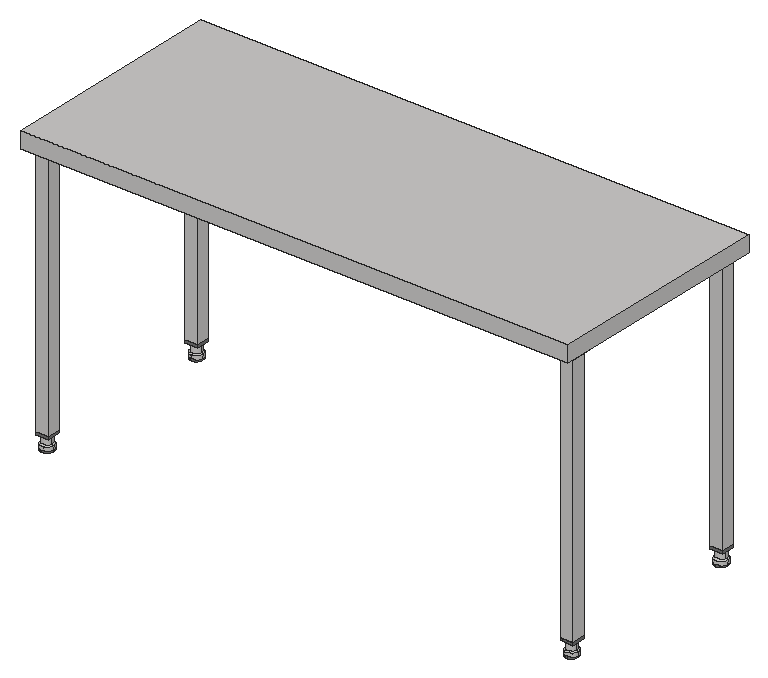
Revit family "QF_ZANUSSI_133222_TG1700N", category Attrezzature speciali, Revit 2020
Family settings
  Quota connettore circolare = Usa diametro
  Tipo di parte = Normale
  Basato su piano di lavoro = No
  Sempre verticale = Sì
  Taglio con vuoti quando caricato = No
  Condiviso = No
  Punto di calcolo locali = No
Parameters (values of type "Standard")
  Weight = 52.00 kg
  Watts = 0 W
  Volts = 0 V
  URL Manufacturer = "http://www.zanussiprofessional.com"
  URL = "http://www.zanussiprofessional.com"
  Steam Supply Size = 0 mm
  Steam Supply Minimum Pressure = 0.0 Pa
  Steam Supply Maximum Pressure = 0.0 Pa
  Steam Consumption per Hour = 0
  Refrigeration Suction Line Size = 0.0 mm
  Refrigeration Liquid Line Size = 0.0 mm
  Refrigerant Compressor Remote = yes
  Prospetto di default = 0.0 mm
  Produttore = "Zanussi"
  Phase = 0
  Modello = "TG1700N"
  Length Actual = 1700.0 mm  # constant formula
  Item Number = "133222"
  Hot Water Size = 0 mm
  Height Actual = 900.0 mm  # constant formula
  HP = "0 HP"
  Gas Size = 0 mm
  Gas KW = 0
  Gas Input Pressure = 0 W
  Direct Waste Size = 0 mm
  Descrizione = "WORK TABLE 1700 MM"
  Depth Actual = 700.0 mm  # constant formula
  Cycle = 0 Hz
  Condensate Return Size = 0 mm
  Compressed Air Volume = 0.0 L/s
  Compressed Air Size = 0 mm
  Compressed Air Pressure = 0.0 Pa
  Cold Water Size = 0 mm
  Accessory = yes
Reference planes
  plane 1 "Center (Front/Back)": y = 0
  plane 2: z = 0
  plane 3 "Center (Left/Right)": x = -350
  plane 4 "LEFT": x = -1200
  plane 5 "RIGHT": x = 500
  plane 6 "BACK": y = 350
  plane 7 "FRONT": y = -350
  plane 8 "Base": z = 850
  plane 9 "TOP": z = 900
  plane 10: x = -1164.5
  plane 11: x = 464.5
  plane 12: y = 290
  plane 13: y = -290
Forms (mm)
  Extrusion 1, solid, material "QF_Finishes_Stainless Steel"
    sketch origin (-350, 0, 0) x (0, 1, 0) y (0, 0, 1)
      loop
        line (-350, 850) -> (350, 850) -> (350, 900) -> (-350, 900) -> (-350, 850)
    from 850 to -850
Lines and regions (mm)
  symbolic lines
    curve 1: line (500, 350, 900) -> (-1200, 350, 900)
    curve 2: line (-1200, 350, 900) -> (-1200, -350, 900)
    curve 3: line (-1200, -350, 900) -> (500, -350, 900)
    curve 4: line (500, -350, 900) -> (500, 350, 900)
Dimensions and locks
  plane 4 "LEFT" to plane 5 "RIGHT" = 1700.0 mm
  equal spacing: plane 4 "LEFT", plane 3 "Center (Left/Right)", plane 5 "RIGHT"
  plane 4 "LEFT" to plane 10 = 35.5 mm
  plane 11 to plane 5 "RIGHT" = 35.5 mm
  plane 10 to plane 11 = 1629.0 mm
  locked: plane 9 "TOP" to level at 900
  plane 6 "BACK" to plane 12 = 60.0 mm
  plane 13 to plane 7 "FRONT" = 60.0 mm
  plane 6 "BACK" to plane 7 "FRONT" = 700.0 mm
  plane 12 to plane 13 = 580.0 mm
  equal spacing: plane 6 "BACK", plane 1 "Center (Front/Back)", plane 7 "FRONT"
  locked: plane 8 "Base" to level at 850
  aligned and locked: level to plane 2
  aligned and locked: plane 10 to nested 1
  aligned and locked: nested 1 to plane 13
  aligned and locked: plane 11 to nested 2
  aligned and locked: nested 2 to plane 13
  aligned and locked: plane 11 to nested 4
  aligned and locked: nested 4 to plane 12
  aligned and locked: plane 10 to nested 3
  aligned and locked: nested 3 to plane 12
  aligned and locked: Extrusion 1 to plane 4 "LEFT"
  aligned and locked: plane 5 "RIGHT" to Extrusion 1
  aligned and locked: curve 2 to plane 4 "LEFT"
Automatic sketch dimensions
  Extrusion 1 sketch curve to plane 7 "FRONT" = 0.0 mm
  Extrusion 1 sketch curve to plane 8 "Base" = 0.0 mm
  curve 3 to plane 7 "FRONT" = 0.0 mm
  curve 4 to plane 6 "BACK" = 0.0 mm
  Extrusion 1 sketch curve to plane 9 "TOP" = 0.0 mm
  Extrusion 1 sketch curve to plane 6 "BACK" = 0.0 mm
  curve 4 to plane 5 "RIGHT" = 0.0 mm
Nested families
  nested 1: "FEET_40x40_APP42" at (-1164.5, -290, 0), type "FEET_40x40_APP42"
  nested 2: "FEET_40x40_APP42" at (464.5, -290, 0), type "FEET_40x40_APP42"
  nested 3: "FEET_40x40_APP42" at (-1164.5, 290, 0), type "FEET_40x40_APP42"
  nested 4: "FEET_40x40_APP42" at (464.5, 290, 0), type "FEET_40x40_APP42"
Definition of nested family "FEET_40x40_APP42"
  Parameters
    Default Elevation = 0.0 mm
    FEET = 850.0 mm
  Reference planes
    plane 1 "Center (Front/Back)": y = 0
    plane 2: z = 0
    plane 3 "Center (Left/Right)": x = 0
    plane 4: z = 850
  Forms (mm)
    Extrusion 1, solid
      sketch origin (0, 0, 0) x (1, 0, 0) y (0, 1, 0)
        loop
          line (-20, -20) -> (20, -20) -> (20, 20) -> (-20, 20) -> (-20, -20)
      from 50 to 845
    Extrusion 2, solid
      sketch origin (0, 0, 0) x (1, 0, 0) y (0, 1, 0)
        loop
          circle (0, 0) r 20
      from 0 to 5
    Extrusion 3, solid
      sketch origin (0, 0, 0) x (1, 0, 0) y (0, 1, 0)
        loop
          line (30, 30) -> (-30, 30) -> (-30, -30) -> (30, -30) -> (30, 30)
      from 845 to 850
    Extrusion 4, solid
      sketch origin (0, 0, 0) x (1, 0, 0) y (0, 1, 0)
        loop
          line (-20, -20) -> (20, -20) -> (20, 20) -> (-20, 20) -> (-20, -20)
      from 50 to 42
    Revolve 5, solid
      sketch origin (0, 0, 0) x (1, 0, 0) y (0, 0, 1)
        loop
          line (0, 42) -> (-15, 42) -> (-15, 20) -> (-20, 15) -> (-20, 5) -> (0, 5) -> (0, 42)
        axis (0, 42) -> (0, 5)
      angle from 0 to 360
  Lines and regions (mm)
    symbolic lines
      curve 1: line (0, -1.503, 0) -> (0, 1.508, 0)
      curve 2: line (1.561, 0, 0) -> (-1.439, 0, 0)
  Dimensions and locks
    "FEET": plane 4 to plane 2
    aligned and locked: level to plane 2
  Automatic sketch dimensions
    plane 1 "Center (Front/Back)" to curve 2 = 0.0 mm
    curve 1 to plane 3 "Center (Left/Right)" = 0.0 mm
    curve 2 to plane 3 "Center (Left/Right)" = 1.439 mm
    plane 3 "Center (Left/Right)" to curve 2 = 1.561 mm
    plane 1 "Center (Front/Back)" to curve 1 = 1.503 mm
    curve 1 to plane 1 "Center (Front/Back)" = 1.508 mm
    Extrusion 1 sketch curve to plane 3 "Center (Left/Right)" = 20.0 mm
    plane 3 "Center (Left/Right)" to Extrusion 1 sketch curve = 20.0 mm
    plane 1 "Center (Front/Back)" to Extrusion 1 sketch curve = 20.0 mm
    Extrusion 1 sketch curve to plane 1 "Center (Front/Back)" = 20.0 mm
    plane 1 "Center (Front/Back)" to Extrusion 2 sketch curve = 0.0 mm
    Extrusion 2 sketch curve to plane 3 "Center (Left/Right)" = 0.0 mm
    Extrusion 3 sketch curve to plane 3 "Center (Left/Right)" = 30.0 mm
    plane 3 "Center (Left/Right)" to Extrusion 3 sketch curve = 30.0 mm
    plane 1 "Center (Front/Back)" to Extrusion 3 sketch curve = 30.0 mm
    Extrusion 3 sketch curve to plane 1 "Center (Front/Back)" = 30.0 mm
    Extrusion 4 sketch curve to plane 3 "Center (Left/Right)" = 20.0 mm
    plane 3 "Center (Left/Right)" to Extrusion 4 sketch curve = 20.0 mm
    plane 1 "Center (Front/Back)" to Extrusion 4 sketch curve = 20.0 mm
    Extrusion 4 sketch curve to plane 1 "Center (Front/Back)" = 20.0 mm
    Revolve 5 sketch curve to plane 3 "Center (Left/Right)" = 0.0 mm  (x2)
    Revolve 5 sketch curve to plane 3 "Center (Left/Right)" = 15.0 mm
    Revolve 5 sketch curve to Revolve 5 sketch curve = 5.0 mm  (x3)
    level to Revolve 5 sketch curve = 5.0 mm
    Revolve 5 sketch curve to Revolve 5 sketch curve = 10.0 mm
    Revolve 5 sketch curve to Revolve 5 sketch curve = 22.0 mm
    Revolve 5 sketch curve to level = 9.561 mm
    radius of Extrusion 2 sketch curve = 20.0 mm
